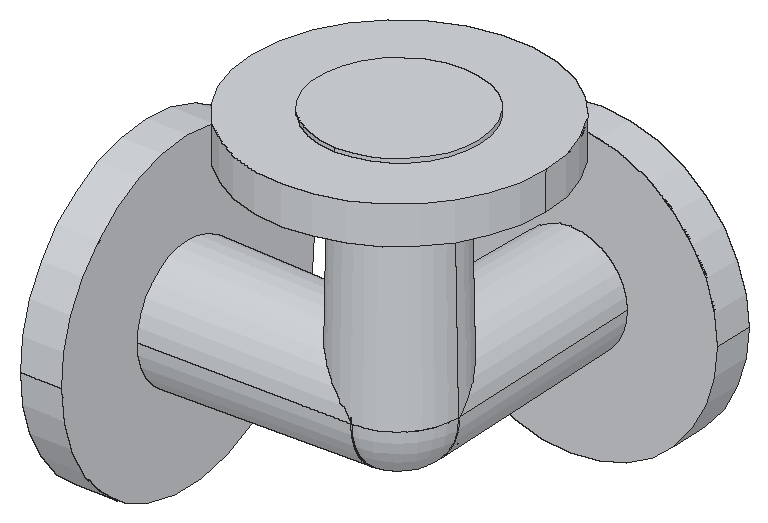
Revit family "M_Redução de cotovelo com saída lateral - Flange - GI - Classe 250", category Conexões de tubo, Revit 2019
Family settings
  Cota do conector redondo = Usar raio
  Tipo de parte = Múltiplas portas
  Número OmniClass = 23.60.30.11.14
  Título OmniClass = Pipework Fittings
  ID de item do Seek = Elbow Reducing Side-Outlet - Flanged - GI - Class 250-0000-CAN-ENU
  Com base no plano de trabalho = Não
  Sempre na vertical = Sim
  Corte com vazios quando carregada = Não
  Compartilhado = Não
Parameters (values of type "Padrão")
  Espessura da parede 3 [instance] = size_lookup(Nome da tabela de pesquisa, "WThk", 0.06 * Diâmetro nominal 3 + 9.624 mm, Diâmetro nominal 3)  # 11.1 mm
  Espessura da parede 2 [instance] = size_lookup(Nome da tabela de pesquisa, "WThk", 0.06 * Diâmetro nominal 2 + 9.624 mm, Diâmetro nominal 2)  # 11.1 mm
  Espessura da parede 1 [instance] = size_lookup(Nome da tabela de pesquisa, "WThk", 0.06 * Diâmetro nominal 1 + 9.624 mm, Diâmetro nominal 1)  # 11.1 mm
  Tamanho da marca de cota 3 [instance] = Diâmetro da flange 3 * 0.4  # 49.6 mm
  Tamanho da marca de cota 2 [instance] = Diâmetro da flange 2 * 0.4  # 49.6 mm
  Tamanho da marca de cota 1 [instance] = Diâmetro da flange 1 * 0.4  # 53.2 mm
  Espessura da face elevada [instance] = 1.587 mm  # constant formula
  Raio da face elevada 3 [instance] = Diâmetro da face elevada 3 / 2  # 34 mm
  Raio da face elevada 2 [instance] = Diâmetro da face elevada 2 / 2  # 34 mm
  Raio da face elevada 1 [instance] = Diâmetro da face elevada 1 / 2  # 39 mm
  Diâmetro da face elevada 3 [instance] = size_lookup(Nome da tabela de pesquisa, "RFD", 1.2 * Diâmetro nominal 3 + 50.899 mm, Diâmetro nominal 3)  # 68 mm
  Diâmetro da face elevada 2 [instance] = size_lookup(Nome da tabela de pesquisa, "RFD", 1.2 * Diâmetro nominal 2 + 50.899 mm, Diâmetro nominal 2)  # 68 mm
  Diâmetro da face elevada 1 [instance] = size_lookup(Nome da tabela de pesquisa, "RFD", 1.2 * Diâmetro nominal 1 + 50.899 mm, Diâmetro nominal 1)  # 78 mm
  Raio nominal 3 [instance] = 12.5 mm
  Raio nominal 2 [instance] = 12.5 mm
  Diâmetro nominal 3 [instance] = Raio nominal 3 * 2  # 25 mm
  Diâmetro nominal 2 [instance] = Raio nominal 2 * 2  # 25 mm
  Método de perda = Não definido
  Nome da tabela de pesquisa = "M_Elbow Reducing Side-Outlet - Flanged - GI - Class 250"
  Comprimento 9 [instance] = Centro à face + Centro à face * cos(Ângulo 2)  # 108 mm
  Comprimento 8 [instance] = Centro à face * sin(Ângulo 1)  # 108 mm
  Comprimento 7 [instance] = Centro à face + Centro à face * cos(Ângulo 1)  # 108 mm
  Comprimento 6 [instance] = Comprimento 4 * sin(Ângulo 2)  # 90.5 mm
  Comprimento 5 [instance] = Centro à face + Comprimento 4 * cos(Ângulo 2)  # 108 mm
  Comprimento 4 [instance] = Centro à face - Espessura da flange 3  # 90.5 mm
  Comprimento 3 [instance] = Comprimento 1 * sin(Ângulo 1)  # 90.5 mm
  Comprimento 2 [instance] = Centro à face + Comprimento 1 * cos(Ângulo 1)  # 108 mm
  Comprimento 17 [instance] = Centro à face - Espessura da flange 3  # 90.5 mm
  Comprimento 16 [instance] = Centro à face - Raio externo da conexão 4 * cos(Ângulo 2)  # 108 mm
  Comprimento 15 [instance] = Raio externo da conexão 4 * sin(Ângulo 2)  # 25.35 mm
  Comprimento 14 [instance] = Centro à face - Raio externo da conexão 4 * cos(Ângulo 2)  # 108 mm
  Comprimento 13 [instance] = Raio externo da conexão 4 * sin(Ângulo 2)  # 25.35 mm
  Comprimento 12 [instance] = Espessura da flange 3 - Espessura da face elevada  # 15.912 mm
  Comprimento 11 [instance] = Espessura da flange 2 - Espessura da face elevada  # 15.912 mm
  Comprimento 10 [instance] = Centro à face * sin(Ângulo 2)  # 108 mm
  Comprimento 1 [instance] = Centro à face - Espessura da flange 2  # 90.5 mm
  Diâmetro nominal máximo 123 [instance] = if(Diâmetro nominal máximo 12 > Diâmetro nominal 3, Diâmetro nominal máximo 12, Diâmetro nominal 3)  # 32 mm
  Diâmetro nominal máximo 12 [instance] = if(Diâmetro nominal 1 > Diâmetro nominal 2, Diâmetro nominal 1, Diâmetro nominal 2)  # 32 mm
  Espessura da flange 3 [instance] = size_lookup(Nome da tabela de pesquisa, "FThk", 0.08 * Diâmetro nominal 3 + 21.53 mm, Diâmetro nominal 3)  # 17.5 mm
  Espessura da flange 2 [instance] = size_lookup(Nome da tabela de pesquisa, "FThk", 0.08 * Diâmetro nominal 2 + 21.53 mm, Diâmetro nominal 2)  # 17.5 mm
  Raio da flange 3 [instance] = Diâmetro da flange 3 / 2  # 62 mm
  Raio da flange 2 [instance] = Diâmetro da flange 2 / 2  # 62 mm
  Diâmetro da flange 3 [instance] = size_lookup(Nome da tabela de pesquisa, "FDia", 1.34 * Diâmetro nominal 3 + 106.362 mm, Diâmetro nominal 3)  # 124 mm
  Diâmetro da flange 2 [instance] = size_lookup(Nome da tabela de pesquisa, "FDia", 1.34 * Diâmetro nominal 2 + 106.362 mm, Diâmetro nominal 2)  # 124 mm
  Raio externo da conexão 3 [instance] = Diâmetro externo da conexão 3 / 2  # 23.6 mm
  Raio externo da conexão 4 [instance] = (Raio externo da conexão 1 + Raio externo da conexão 2) / 2  # 25.35 mm
  Raio externo da conexão 2 [instance] = Diâmetro externo da conexão 2 / 2  # 23.6 mm
  Raio externo da conexão 1 [instance] = Diâmetro externo da conexão 1 / 2  # 27.1 mm
  Diâmetro externo da conexão 2 [instance] = Diâmetro interno da conexão 2 + Espessura da parede 2 * 2  # 47.2 mm
  Diâmetro externo da conexão 1 [instance] = Diâmetro interno da conexão 1 + Espessura da parede 1 * 2  # 54.2 mm
  Raio nominal 1 [instance] = 16 mm
  Diâmetro nominal 1 [instance] = Raio nominal 1 * 2  # 32 mm
  Diâmetro externo da conexão 3 [instance] = Diâmetro interior da conexão 3 + Espessura da parede 3 * 2  # 47.2 mm
  Diâmetro interior da conexão 3 [instance] = size_lookup(Nome da tabela de pesquisa, "FID", 1.02 * Diâmetro nominal 3 - 1.091 mm, Diâmetro nominal 3)  # 25 mm
  Diâmetro interno da conexão 2 [instance] = size_lookup(Nome da tabela de pesquisa, "FID", 1.02 * Diâmetro nominal 2 - 1.091 mm, Diâmetro nominal 2)  # 25 mm
  Diâmetro interno da conexão 1 [instance] = size_lookup(Nome da tabela de pesquisa, "FID", 1.02 * Diâmetro nominal 1 - 1.091 mm, Diâmetro nominal 1)  # 32 mm
  Centro à face [instance] = size_lookup(Nome da tabela de pesquisa, "CtF", 0.68 * Diâmetro nominal máximo 123 + 95.647 mm, Diâmetro nominal máximo 123)  # 108 mm
  Espessura da flange 1 [instance] = size_lookup(Nome da tabela de pesquisa, "FThk", 0.08 * Diâmetro nominal 1 + 21.53 mm, Diâmetro nominal 1)  # 19 mm
  Raio da flange 1 [instance] = Diâmetro da flange 1 / 2  # 66.5 mm
  Diâmetro da flange 1 [instance] = size_lookup(Nome da tabela de pesquisa, "FDia", 1.34 * Diâmetro nominal 1 + 106.362 mm, Diâmetro nominal 1)  # 133 mm
  Assembly Code = ""
  Ângulo 3 [instance] = 90.00° - Ângulo 2  # 0.00°
  Ângulo 2 [instance] = 90.00°
  Ângulo 1 [instance] = 90.00°
Reference planes
  plane 1 "Centro (Frente/Trás)": y = 0
  plane 2: z = 0
  plane 3 "Centro (Esquerda/Direita)": x = 0
  plane 4: x = -108
  plane 5: x = -106.412
  plane 6: x = -89
  plane 7: y = 90.5
  plane 8: x = 0
  plane 9: y = 108
  plane 10: x = 0
  plane 11: z = 90.5
  plane 12: x = 0
  plane 13: z = 108
  plane 14: x = 0
  plane 15: x = -89
  plane 16: x = 0
  plane 17: z = -25.35
  plane 18: x = 0
  plane 19: z = -25.35
Forms (mm)
  Sweep 1, solid, detail levels fine
    path in 3D
      loop
        line (-108, 0, 0) -> (-106.412, 0, 0)
    profile origin (-107.206, 0, 0) x (0, 1, 0) y (0, 0, 1)
      loop
        circle (0, 0) r 39
  Sweep 2, solid, detail levels fine
    path in 3D
      loop
        line (-106.412, 0, 0) -> (-89, 0, 0)
    profile origin (-97.706, 0, 0) x (0, 1, 0) y (0, 0, 1)
      loop
        circle (0, 0) r 66.5
  SweptBlend 3, solid, detail levels fine
    path in 3D
      loop
        line (-89, 0, 0) -> (0, 0, 0)
    profile origin (-89, 0, 0) x (0, 1, 0) y (0, 0, 1)
      loop
        circle (0, 0) r 27.1
    end profile origin (0, 0, 0) x (0, 1, 0) y (0, 0, 1)
      loop
        circle (0, 0) r 25.35
  SweptBlend 4, solid, detail levels fine
    path in 3D
      loop
        line (0, 0, 0) -> (0, 90.5, 0)
    profile origin (0, 0, 0) x (-1, 0, 0) y (0, 0, 1)
      loop
        circle (0, 0) r 25.35
    end profile origin (0, 90.5, 0) x (-1, 0, 0) y (0, 0, 1)
      loop
        circle (0, 0) r 23.6
  Sweep 5, solid, detail levels fine
    path in 3D
      loop
        line (0, 0, 90.5) -> (0, 0, 106.412)
    profile origin (0, 0, 98.456) x (-1, 0, 0) y (0, -1, 0)
      loop
        circle (0, 0) r 62
  Sweep 6, solid, detail levels fine
    path in 3D
      loop
        line (0, 0, 108) -> (0, 0, 106.412)
    profile origin (0, 0, 107.206) x (0, -1, 0) y (1, 0, 0)
      loop
        circle (0, 0) r 34
  Sweep 7, solid, detail levels fine
    path in 3D
      loop
        line (0, 90.5, 0) -> (0, 106.412, 0)
    profile origin (0, 98.456, 0) x (-1, 0, 0) y (0, 0, 1)
      loop
        circle (0, 0) r 62
  Sweep 8, solid, detail levels fine
    path in 3D
      loop
        line (0, 108, 0) -> (0, 106.412, 0)
    profile origin (0, 107.206, 0) x (1, 0, 0) y (0, 0, 1)
      loop
        circle (0, 0) r 34
  SweptBlend 9, solid, detail levels fine
    path in 3D
      loop
        line (0, 0, 0) -> (0, 0, 90.5)
    profile origin (0, 0, 0) x (-1, 0, 0) y (0, -1, 0)
      loop
        circle (0, 0) r 25.35
    end profile origin (0, 0, 90.5) x (-1, 0, 0) y (0, -1, 0)
      loop
        circle (0, 0) r 23.6
  Revolve 10, solid, detail levels fine
    sketch origin (0, 0, 0) x (0, 0, -1) y (1, 0, 0)
      loop
        line (0, 0) -> (25.35, 0)
        arc (25.35, 0) -> (17.925, 17.925) -> (0, 25.35) r 25.35
        line (0, 25.35) -> (0, 0)
      axis (25.35, 0) -> (0, 0)
    angle from 0 to 360
Cuts and joins
  joined: Sweep 5, Sweep 6, SweptBlend 9
  joined: Sweep 1, Sweep 2, SweptBlend 3
  joined: SweptBlend 4, Sweep 7, Sweep 8
Lines and regions (mm)
  model lines, detail levels coarse+medium
    curve 1: line (-108, 0, 0) -> (-106.412, 0, 0)
    curve 2: line (-106.412, 0, 0) -> (-89, 0, 0)
    curve 5: line (-89, 0, 0) -> (0, 0, 0)
    curve 7: line (0, 0, 0) -> (0, 90.5, 0)
    curve 8: line (0, 108, 0) -> (0, 106.412, 0)
    curve 10: line (0, 0, 0) -> (0, 0, 90.5)
    curve 11: line (0, 0, 90.5) -> (0, 0, 106.412)
    curve 12: line (0, 0, 108) -> (0, 0, 106.412)
    curve 16: line (0, 90.5, 0) -> (0, 106.412, 0)
    curve 21: line (0, 0, 108) -> (-49.6, 0, 108)
    curve 22: line (49.6, 0, 108) -> (0, 0, 108)
    curve 23: line (-108, 53.2, 0) -> (-108, 0, 0)
    curve 24: line (-108, -53.2, 0) -> (-108, 0, 0)
    curve 25: line (0, 108, 0) -> (-49.6, 108, 0)
    curve 26: line (0, 108, 0) -> (49.6, 108, 0)
  sketch lines
    curve 3: line (-108, 0, 0) -> (-106.412, 0, 0)
    curve 4: line (-106.412, 0, 0) -> (-89, 0, 0)
    curve 6: line (-89, 0, 0) -> (0, 0, 0)
    curve 9: line (0, 0, 0) -> (0, 90.5, 0)
    curve 13: line (0, 0, 90.5) -> (0, 0, 106.412)
    curve 14: line (0, 0, 108) -> (0, 0, 106.412)
    curve 18: line (0, 90.5, 0) -> (0, 106.412, 0)
    curve 19: line (0, 108, 0) -> (0, 106.412, 0)
    curve 27: line (0, 0, 0) -> (0, 0, 90.5)
  reference lines
    curve 15: line (-108, 0, 0) -> (-89, 0, 0)
    curve 17: line (0, 108, 0) -> (0, 90.5, 0)
    curve 20: line (0, 0, 108) -> (0, 0, 90.5)
    curve 28: line (0, 0, 0) -> (0, 0, -25.35)
    curve 29: arc (0, 0, -25.35) -> (17.925, 0, -17.925) -> (25.35, 0, 0) r 25.35
    curve 30: line (0, 0, 0) -> (25.35, 0, 0)
    curve 31: line (0, 0, -25.35) -> (0, 0, 0)
    curve 32: arc (0, 0, -25.35) -> (17.925, 0, -17.925) -> (25.35, 0, 0) r 25.35
    curve 33: line (0, 0, 0) -> (25.35, 0, 0)
Dimensions and locks
  "Centro à face": plane 4 to plane 3 "Centro (Esquerda/Direita)"
  "Espessura da face elevada": plane 4 to plane 5
  "Espessura da flange 1": plane 4 to plane 6
  "Comprimento 1": curve 7 to curve 7
  "Comprimento 3": plane 7 to plane 1 "Centro (Frente/Trás)"
  "Comprimento 2": plane 4 to plane 8
  "Comprimento 8": plane 1 "Centro (Frente/Trás)" to plane 9
  "Comprimento 7": plane 4 to plane 10
  "Espessura da face elevada": curve 8 to curve 8
  "Comprimento 4": curve 10 to curve 10
  "Comprimento 6": plane 11 to plane 2
  "Comprimento 5": plane 12 to plane 4
  "Comprimento 10": plane 13 to plane 2
  "Comprimento 9": plane 14 to plane 4
  "Comprimento 12": curve 11 to curve 11
  "Espessura da face elevada": curve 12 to curve 12
  locked: plane 4 to plane 15 at 19
  "Comprimento 11": curve 16 to curve 16
  locked: curve 17 to curve 17 at 17.5
  locked: curve 20 to curve 20 at 17.5
  "Tamanho da marca de cota 3": curve 21 to curve 21
  "Tamanho da marca de cota 3": curve 22 to curve 22
  "Tamanho da marca de cota 1": curve 23 to curve 23
  "Tamanho da marca de cota 1": curve 24 to curve 24
  "Tamanho da marca de cota 2": curve 25 to curve 25
  "Tamanho da marca de cota 2": curve 26 to curve 26
  "Comprimento 15": plane 2 to plane 17
  "Comprimento 13": plane 2 to plane 19
  "Comprimento 14": plane 18 to plane 4
  "Comprimento 16": plane 16 to plane 4
  "Raio externo da conexão 4": curve 28 to curve 28
  "Raio externo da conexão 4": curve 30 to curve 30
  locked: Revolve 10 sketch curve to Revolve 10 sketch curve at 25.35
  locked: curve 31 to curve 31 at 25.35
  locked: curve 33 to curve 33 at 25.35
  "Raio da face elevada 1": radius of Sweep 1 sketch curve
  "Raio da flange 1": radius of Sweep 2 sketch curve
  "Raio externo da conexão 1": radius of SweptBlend 3 sketch curve
  "Raio externo da conexão 4": radius of SweptBlend 3 sketch curve
  "Raio externo da conexão 4": radius of SweptBlend 4 sketch curve
  "Raio externo da conexão 2": radius of SweptBlend 4 sketch curve
  "Raio da flange 3": radius of Sweep 5 sketch curve
  "Raio da face elevada 3": radius of Sweep 6 sketch curve
  "Raio da flange 2": radius of Sweep 7 sketch curve
  "Raio da face elevada 2": radius of Sweep 8 sketch curve
  "Raio externo da conexão 4": radius of SweptBlend 9 sketch curve
  "Raio externo da conexão 3": radius of SweptBlend 9 sketch curve
  "Ângulo 1": angle plane 1 "Centro (Frente/Trás)" to curve 7
  "Ângulo 1": angle plane 9 to curve 8
  "Ângulo 2": angle plane 2 to curve 10
  "Ângulo 2": angle plane 11 to curve 11
  "Ângulo 2": angle plane 13 to curve 12
  "Ângulo 1": angle plane 7 to curve 16
  "Ângulo 1": angle plane 9 to curve 17
  "Ângulo 2": angle plane 13 to curve 20
  locked: curve 21 to curve 11 (angle 90.00°)
  locked: curve 11 to curve 22 (angle 90.00°)
  locked: curve 2 to curve 23 (angle 90.00°)
  locked: curve 25 to curve 16 (angle 90.00°)
  locked: curve 16 to curve 26 (angle 90.00°)
  "Ângulo 2": angle plane 2 to curve 28
  locked: curve 29 to curve 29 (angle 90.00°)
  locked: curve 28 to curve 30 (angle 90.00°)
  "Ângulo 2": angle plane 2 to Revolve 10 sketch curve
  "Ângulo 2": angle plane 17 to curve 31
  locked: curve 32 to curve 32 (angle 90.00°)
  locked: curve 31 to curve 33 (angle 90.00°)
  aligned and locked: plane 5 to curve 2
  aligned and locked: plane 6 to curve 2
  aligned and locked: plane 1 "Centro (Frente/Trás)" to curve 2
  aligned and locked: plane 1 "Centro (Frente/Trás)" to curve 5
  aligned and locked: plane 1 "Centro (Frente/Trás)" to curve 7
  aligned and locked: plane 2 to curve 10
  aligned and locked: plane 3 "Centro (Esquerda/Direita)" to curve 10
  aligned and locked: plane 4 to curve 15
  aligned and locked: plane 15 to curve 15
  aligned and locked: plane 1 "Centro (Frente/Trás)" to curve 15
  aligned and locked: plane 8 to curve 16
  aligned and locked: plane 9 to curve 17
  aligned and locked: plane 10 to curve 17
  aligned and locked: plane 13 to curve 20
  aligned and locked: plane 14 to curve 20
  aligned and locked: curve 23 to plane 4
  aligned and locked: plane 1 "Centro (Frente/Trás)" to curve 24
  aligned and locked: plane 4 to curve 24
  aligned and locked: plane 2 to curve 7
  aligned: plane 3 "Centro (Esquerda/Direita)" to plane 10
  aligned and locked: plane 2 to curve 29
  aligned and locked: plane 19 to curve 29
  aligned and locked: plane 3 "Centro (Esquerda/Direita)" to curve 30
  aligned and locked: plane 2 to curve 30
  aligned and locked: Revolve 10 sketch curve to curve 28
  aligned and locked: Revolve 10 sketch curve to curve 30
  aligned and locked: Revolve 10 sketch curve to curve 29
  aligned and locked: plane 3 "Centro (Esquerda/Direita)" to Revolve 10 sketch curve
  aligned and locked: plane 2 to Revolve 10 sketch curve
  aligned and locked: plane 17 to curve 31
  aligned and locked: plane 16 to curve 31
  aligned and locked: plane 16 to curve 32
  aligned and locked: plane 2 to curve 32
  aligned and locked: plane 3 "Centro (Esquerda/Direita)" to curve 33
  aligned and locked: plane 2 to curve 33
Automatic sketch dimensions
  Sweep 1 sketch curve to profile plane = 0 mm  (x2)
  Sweep 2 sketch curve to profile plane = 0 mm  (x2)
  SweptBlend 3 sketch curve to profile plane = 0 mm  (x4)
  SweptBlend 4 sketch curve to profile plane = 0 mm  (x4)
  Sweep 5 sketch curve to profile plane = 0 mm  (x2)
  Sweep 6 sketch curve to profile plane = 0 mm  (x2)
  Sweep 7 sketch curve to profile plane = 0 mm  (x2)
  Sweep 8 sketch curve to profile plane = 0 mm  (x2)
  SweptBlend 9 sketch curve to profile plane = 0 mm  (x2)
  profile plane to SweptBlend 9 sketch curve = 0 mm  (x2)
  curve 28 to plane 18 = 0 mm
  curve 28 to plane 19 = 0 mm
Connectors
  piping at (-108, 0, 0), diameter 32, driven by "Raio nominal 1", driven by "Ângulo 1"
    settings: on cut or joined group of Sweep 1, Sweep 2, SweptBlend 3, index 1, connector inside diameter 32 mm, connector length 0 mm, flow factor 0, pipe flow 0.0 L/s, pressure drop 0.0 Pa, fitting loss kfactor 0, connector angle 90.00°, fixture units 0, engagement length 0 mm, angle of deflection 0.00°, flow configuration 0, flow direction 0, fitting loss method 0, system type 28, joint type 0, gender type 0, connector reference index 2, connector utility 0, adjustable connector no, is connector primary yes, connector description ""
  piping at (0, 108, 0), diameter 25, driven by "Raio nominal 2", driven by "Ângulo 1"
    settings: on cut or joined group of SweptBlend 4, Sweep 7, Sweep 8, index 2, connector inside diameter 25 mm, connector length 0 mm, flow factor 0, pipe flow 0.0 L/s, pressure drop 0.0 Pa, fitting loss kfactor 0, connector angle 90.00°, fixture units 0, engagement length 0 mm, angle of deflection 0.00°, flow configuration 0, flow direction 0, fitting loss method 0, system type 28, joint type 0, gender type 0, connector reference index 1, connector utility 0, adjustable connector no, is connector primary no, connector description ""
  piping at (0, 0, 108), diameter 25, driven by "Raio nominal 3", driven by "Ângulo 2"
    settings: on cut or joined group of Sweep 5, Sweep 6, SweptBlend 9, index 3, connector inside diameter 25 mm, connector length 0 mm, flow factor 0, pipe flow 0.0 L/s, pressure drop 0.0 Pa, fitting loss kfactor 0, connector angle 90.00°, fixture units 0, engagement length 0 mm, angle of deflection 0.00°, flow configuration 0, flow direction 0, fitting loss method 0, system type 28, joint type 0, gender type 0, connector reference index -1, connector utility 0, adjustable connector no, is connector primary no, connector description ""
